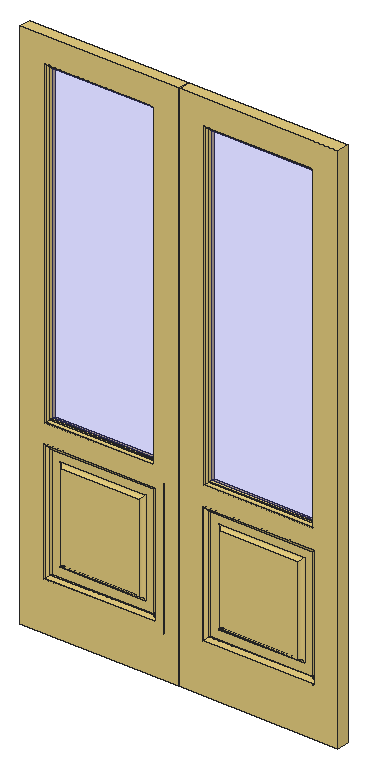
Revit family "DTI_A3-L1RP-Double", category Generic Models, Revit 2016
Family settings
  Part Type = Undefined
  Can host rebar = No
  Round Connector Dimension = Use Diameter
  Work Plane-Based = No
  Always vertical = Yes
  Cut with Voids When Loaded = No
  Shared = No
  Room Calculation Point = No
Parameters (values of type "Double Door")
  Width = 1206 mm
  Height = 2032 mm
  Glass Material = Glass
  Frame Material = Kiln Dried Wood
Reference planes
  plane 1 "Center (Front/Back)": y = 0
  plane 2: z = 0
  plane 3 "Center (Left/Right)": x = 0
  plane 4: x = -603
  plane 5: x = 603
  plane 6: z = 2032
  plane 7: z = 1972
  plane 8: z = 155
  plane 9: z = 1354.667
  plane 10: z = 677.333
  plane 11: z = 682.583
  plane 12: z = 672.083
  plane 13: x = -543
  plane 14: x = -60
  plane 15: x = 60
  plane 16: x = 543
Forms (mm)
  Sweep 1, solid, material "Kiln Dried Wood"
    path origin (0, 0, 0) x (1, 0, 0) y (0, 0, 1)
      loop
        line (-603, 0) -> (0, 0)
    profile "Solid B : Solid B" origin (-301.5, 0, 0) x (0, 0, 1) y (0, -1, 0)
      loop
        line (0, -22) -> (185, -22) -> (185, -20) -> (200, -11) -> (200, -6) -> (155, -6) -> (155, 6) -> (200, 6) -> (200, 11) -> (185, 20) -> (185, 22) -> (0, 22) -> (0, -22)
  Sweep 2, solid, material "Kiln Dried Wood"
    path origin (0, 0, 0) x (1, 0, 0) y (0, 0, 1)
      loop
        line (-603, 677.333) -> (-603, 2032) -> (0, 2032) -> (0, 677.333)
    profile "Glass T : Glass T" origin (-301.5, 0, 2032) x (0, 0, 1) y (0, -1, 0)
      loop
        line (0, -22) -> (0, 22) -> (-95, 22) -> (-95, 20)
        arc (-95, 20) -> (-100.657, 17.657) -> (-103, 12) r 8
        line (-103, 12) -> (-105, 12) -> (-105, 2) -> (-60, 2) -> (-60, -10) -> (-96, -10) -> (-96, -22) -> (0, -22)
  Extrusion 3, solid, material "Glass" <- "Glass Material"
    sketch origin (0, 0, 0) x (1, 0, 0) y (0, 1, 0)
      loop
        line (-543, 10) -> (-543, -2) -> (-60, -2) -> (-60, 10) -> (-543, 10)
    from 682.583 to 1972
  Sweep 4, solid, material "Kiln Dried Wood" <- "Frame Material"
    path origin (0, 0, 0) x (1, 0, 0) y (0, 0, 1)
      loop
        line (0, 677.333) -> (0, 2032) -> (603, 2032) -> (603, 677.333)
    profile "Glass T : Glass T" origin (301.5, 0, 2032) x (0, 0, 1) y (0, -1, 0)
      loop
        line (0, -22) -> (0, 22) -> (-95, 22) -> (-95, 20)
        arc (-95, 20) -> (-100.657, 17.657) -> (-103, 12) r 8
        line (-103, 12) -> (-105, 12) -> (-105, 2) -> (-60, 2) -> (-60, -10) -> (-96, -10) -> (-96, -22) -> (0, -22)
  Sweep 5, solid, material "Kiln Dried Wood" <- "Frame Material"
    path origin (0, 0, 0) x (1, 0, 0) y (0, 0, 1)
      loop
        line (0, 0) -> (603, 0)
    profile "Solid B : Solid B" origin (301.5, 0, 0) x (0, 0, 1) y (0, -1, 0)
      loop
        line (0, -22) -> (185, -22) -> (185, -20) -> (200, -11) -> (200, -6) -> (155, -6) -> (155, 6) -> (200, 6) -> (200, 11) -> (185, 20) -> (185, 22) -> (0, 22) -> (0, -22)
  Extrusion 6, solid, material "Glass" <- "Glass Material"
    sketch origin (0, 0, 0) x (1, 0, 0) y (0, 1, 0)
      loop
        line (60, 10) -> (60, -2) -> (543, -2) -> (543, 10) -> (60, 10)
    from 682.583 to 1972
  Sweep 7, solid, material "Kiln Dried Wood"
    path origin (0, 0, 0) x (1, 0, 0) y (0, 0, 1)
      loop
        line (-603, 677.333) -> (0, 677.333)
    profile "Glass M spec : Glass M spec" origin (-301.5, 0, 677.333) x (0, 0, 1) y (0, -1, 0)
      loop
        line (40.25, 22) -> (-35.25, 22) -> (-35.25, 20) -> (-50.25, 11) -> (-50.25, 6) -> (-5.25, 6) -> (-5.25, -6) -> (-50.25, -6) -> (-50.25, -11) -> (-35.25, -20) -> (-35.25, -22) -> (41.25, -22) -> (41.25, -10) -> (5.25, -10) -> (5.25, 2) -> (50.25, 2) -> (50.25, 12) -> (48.25, 12)
        arc (48.25, 12) -> (45.907, 17.657) -> (40.25, 20) r 8
        line (40.25, 20) -> (40.25, 22)
  Sweep 8, solid, material "Kiln Dried Wood" <- "Frame Material"
    path origin (0, 0, 0) x (1, 0, 0) y (0, 0, 1)
      loop
        line (0, 677.333) -> (603, 677.333)
    profile "Glass M spec : Glass M spec" origin (301.5, 0, 677.333) x (0, 0, 1) y (0, -1, 0)
      loop
        line (40.25, 22) -> (-35.25, 22) -> (-35.25, 20) -> (-50.25, 11) -> (-50.25, 6) -> (-5.25, 6) -> (-5.25, -6) -> (-50.25, -6) -> (-50.25, -11) -> (-35.25, -20) -> (-35.25, -22) -> (41.25, -22) -> (41.25, -10) -> (5.25, -10) -> (5.25, 2) -> (50.25, 2) -> (50.25, 12) -> (48.25, 12)
        arc (48.25, 12) -> (45.907, 17.657) -> (40.25, 20) r 8
        line (40.25, 20) -> (40.25, 22)
  Sweep 9, solid, material "Kiln Dried Wood"
    path origin (0, 0, 0) x (1, 0, 0) y (0, 0, 1)
      loop
        line (-603, 677.333) -> (-603, 155)
    profile "Solid T : Solid T" origin (-603, 0, 416.167) x (1, 0, 0) y (0, -1, 0)
      loop
        line (0, -22) -> (90, -22) -> (90, -20) -> (105, -11) -> (105, -6) -> (60, -6) -> (60, 6) -> (105, 6) -> (105, 11) -> (90, 20) -> (90, 22) -> (0, 22) -> (0, -22)
  Sweep 10, solid, material "Kiln Dried Wood"
    path origin (-603, 0, 0) x (-1, 0, 0) y (0, 0, 1)
      loop
        line (-603, 677.333) -> (-603, 155)
    profile "Solid T : Solid T" origin (0, 0, 416.167) x (-1, 0, 0) y (0, 1, 0)
      loop
        line (0, 22) -> (0, -22) -> (90, -22) -> (90, -20) -> (105, -11) -> (105, -6) -> (60, -6) -> (60, 6) -> (105, 6) -> (105, 11) -> (90, 20) -> (90, 22) -> (0, 22)
  Sweep 11, solid, material "Kiln Dried Wood" <- "Frame Material"
    path origin (660, 0, 0) x (1, 0, 0) y (0, 0, 1)
      loop
        line (-660, 677.333) -> (-660, 155)
    profile "Solid T : Solid T" origin (0, 0, 416.167) x (1, 0, 0) y (0, -1, 0)
      loop
        line (0, -22) -> (90, -22) -> (90, -20) -> (105, -11) -> (105, -6) -> (60, -6) -> (60, 6) -> (105, 6) -> (105, 11) -> (90, 20) -> (90, 22) -> (0, 22) -> (0, -22)
  Sweep 12, solid, material "Kiln Dried Wood" <- "Frame Material"
    path origin (0, 0, 0) x (-1, 0, 0) y (0, 0, 1)
      loop
        line (-603, 677.333) -> (-603, 155)
    profile "Solid T : Solid T" origin (603, 0, 416.167) x (-1, 0, 0) y (0, 1, 0)
      loop
        line (0, 22) -> (0, -22) -> (90, -22) -> (90, -20) -> (105, -11) -> (105, -6) -> (60, -6) -> (60, 6) -> (105, 6) -> (105, 11) -> (90, 20) -> (90, 22) -> (0, 22)
  Extrusion 13, solid, material "Kiln Dried Wood" <- "Frame Material"
    sketch origin (0, 0, 0) x (1, 0, 0) y (0, 1, 0)
      loop
        line (-543, 20) -> (-543, -20) -> (-60, -20) -> (-60, 20) -> (-543, 20)
    from 155 to 672.083
  Sweep 14, void
    path origin (0, 0, 0) x (1, 0, 0) y (0, 0, 1)
      loop
        line (-543, 672.083) -> (-543, 155) -> (-60, 155) -> (-60, 672.083) -> (-543, 672.083)
    profile "Void : Void" origin (-301.5, 0, 672.083) x (0, 0, 1) y (0, -1, 0)
      loop
        line (-44.95, -11) -> (-44.95, -6) -> (-78.778, -6)
        arc (-78.778, -6) -> (-88.678, -10.101) -> (-92.778, -20) r 14
        line (-92.778, -20) -> (-92.778, -27) -> (-29.95, -27) -> (-29.95, -20) -> (-44.95, -11)
      loop
        line (-44.95, 11) -> (-29.95, 20) -> (-29.95, 27) -> (-92.778, 27) -> (-92.778, 20)
        arc (-92.778, 20) -> (-88.678, 10.101) -> (-78.778, 6) r 14
        line (-78.778, 6) -> (-44.95, 6) -> (-44.95, 11)
  Extrusion 15, solid, material "Kiln Dried Wood" <- "Frame Material"
    sketch origin (0, 0, 0) x (1, 0, 0) y (0, 1, 0)
      loop
        line (60, 20) -> (60, -20) -> (543, -20) -> (543, 20) -> (60, 20)
    from 155 to 672.083
  Sweep 16, void
    path origin (0, 0, 0) x (1, 0, 0) y (0, 0, 1)
      loop
        line (60, 672.083) -> (60, 155) -> (543, 155) -> (543, 672.083) -> (60, 672.083)
    profile "Void : Void" origin (301.5, 0, 672.083) x (0, 0, 1) y (0, -1, 0)
      loop
        line (-44.95, -11) -> (-44.95, -6) -> (-78.778, -6)
        arc (-78.778, -6) -> (-88.678, -10.101) -> (-92.778, -20) r 14
        line (-92.778, -20) -> (-92.778, -27) -> (-29.95, -27) -> (-29.95, -20) -> (-44.95, -11)
      loop
        line (-44.95, 11) -> (-29.95, 20) -> (-29.95, 27) -> (-92.778, 27) -> (-92.778, 20)
        arc (-92.778, 20) -> (-88.678, 10.101) -> (-78.778, 6) r 14
        line (-78.778, 6) -> (-44.95, 6) -> (-44.95, 11)
Cuts and joins
  joined: Sweep 1, Sweep 2, Sweep 7, Sweep 9, Sweep 10
  joined: Sweep 4, Sweep 5, Sweep 8, Sweep 11, Sweep 12
  Sweep 14 cuts Extrusion 13
  Sweep 16 cuts Extrusion 15
Dimensions and locks
  equal spacing: plane 4, plane 3 "Center (Left/Right)", plane 5
  "Width": plane 4 to plane 5
  "Height": plane 6 to level
  locked: plane 8 to level at 155
  locked: plane 6 to plane 7 at 60
  equal spacing: plane 6, plane 9, plane 10, level
  locked: plane 11 to plane 10 at 5.25
  locked: plane 12 to plane 10 at 5.25
  locked: plane 4 to plane 13 at 60
  locked: plane 3 "Center (Left/Right)" to plane 14 at 60
  locked: plane 3 "Center (Left/Right)" to plane 15 at 60
  locked: plane 5 to plane 16 at 60
  aligned and locked: Sweep 1 sketch curve to level
  aligned and locked: plane 4 to Sweep 1 sketch curve
  aligned and locked: Sweep 2 sketch curve to plane 6
  aligned and locked: Sweep 2 sketch curve to plane 4
  aligned and locked: plane 7 to Extrusion 3
  aligned and locked: Sweep 2 sketch curve to plane 3 "Center (Left/Right)"
  aligned and locked: plane 3 "Center (Left/Right)" to Sweep 1 sketch curve
  aligned and locked: Sweep 4 sketch curve to plane 3 "Center (Left/Right)"
  aligned and locked: Sweep 4 sketch curve to plane 6
  aligned and locked: plane 5 to Sweep 4 sketch curve
  aligned and locked: plane 3 "Center (Left/Right)" to Sweep 5 sketch curve
  aligned and locked: plane 5 to Sweep 5 sketch curve
  aligned and locked: Sweep 5 sketch curve to level
  aligned and locked: plane 7 to Extrusion 6
  aligned and locked: plane 4 to Sweep 7 sketch curve
  aligned and locked: plane 3 "Center (Left/Right)" to Sweep 7 sketch curve
  aligned and locked: Sweep 7 sketch curve to plane 10
  aligned and locked: plane 3 "Center (Left/Right)" to Sweep 8 sketch curve
  aligned and locked: plane 5 to Sweep 8 sketch curve
  aligned and locked: Sweep 8 sketch curve to plane 10
  aligned and locked: plane 10 to Sweep 9 sketch curve
  aligned and locked: plane 8 to Sweep 9 sketch curve
  aligned and locked: Sweep 9 sketch curve to plane 4
  aligned and locked: plane 10 to Sweep 10 sketch curve
  aligned and locked: plane 8 to Sweep 10 sketch curve
  aligned and locked: Sweep 10 sketch curve to plane 3 "Center (Left/Right)"
  aligned and locked: plane 11 to Extrusion 6
  aligned and locked: plane 11 to Extrusion 3
  aligned and locked: plane 10 to Sweep 2 sketch curve  (x2)
  aligned and locked: plane 10 to Sweep 11 sketch curve
  aligned and locked: plane 8 to Sweep 11 sketch curve
  aligned and locked: Sweep 11 sketch curve to plane 3 "Center (Left/Right)"
  aligned and locked: plane 10 to Sweep 4 sketch curve  (x2)
  aligned and locked: plane 10 to Sweep 12 sketch curve
  aligned and locked: plane 8 to Sweep 12 sketch curve
  aligned and locked: plane 5 to Sweep 12 sketch curve
  aligned and locked: Extrusion 13 sketch curve to cut or joined group of Sweep 1, Sweep 2, Sweep 7, Sweep 9, Sweep 10  (x4)
  aligned and locked: plane 12 to Extrusion 13
  aligned and locked: Extrusion 13 to plane 8
  aligned and locked: plane 13 to Sweep 14 sketch curve
  aligned and locked: plane 8 to Sweep 14 sketch curve
  aligned and locked: plane 14 to Sweep 14 sketch curve
  aligned and locked: Sweep 14 sketch curve to plane 12
  aligned and locked: plane 15 to Extrusion 15 sketch curve
  aligned and locked: plane 16 to Extrusion 15 sketch curve
  aligned and locked: Extrusion 15 sketch curve to cut or joined group of Sweep 4, Sweep 5, Sweep 8, Sweep 11, Sweep 12  (x2)
  aligned and locked: plane 12 to Extrusion 15
  aligned and locked: Extrusion 15 to plane 8
  aligned and locked: plane 15 to Sweep 16 sketch curve
  aligned and locked: Sweep 16 sketch curve to plane 12
  aligned and locked: plane 8 to Sweep 16 sketch curve
  aligned and locked: plane 16 to Sweep 16 sketch curve
Automatic sketch dimensions
  plane 1 "Center (Front/Back)" to Extrusion 3 sketch curve = 2 mm
  plane 4 to Extrusion 3 sketch curve = 60 mm
  Extrusion 3 sketch curve to plane 3 "Center (Left/Right)" = 60 mm
  Extrusion 3 sketch curve to plane 1 "Center (Front/Back)" = 10 mm
  plane 1 "Center (Front/Back)" to Extrusion 6 sketch curve = 2 mm
  plane 3 "Center (Left/Right)" to Extrusion 6 sketch curve = 60 mm
  plane 5 to Extrusion 6 sketch curve = 60 mm
  Extrusion 6 sketch curve to plane 1 "Center (Front/Back)" = 10 mm
